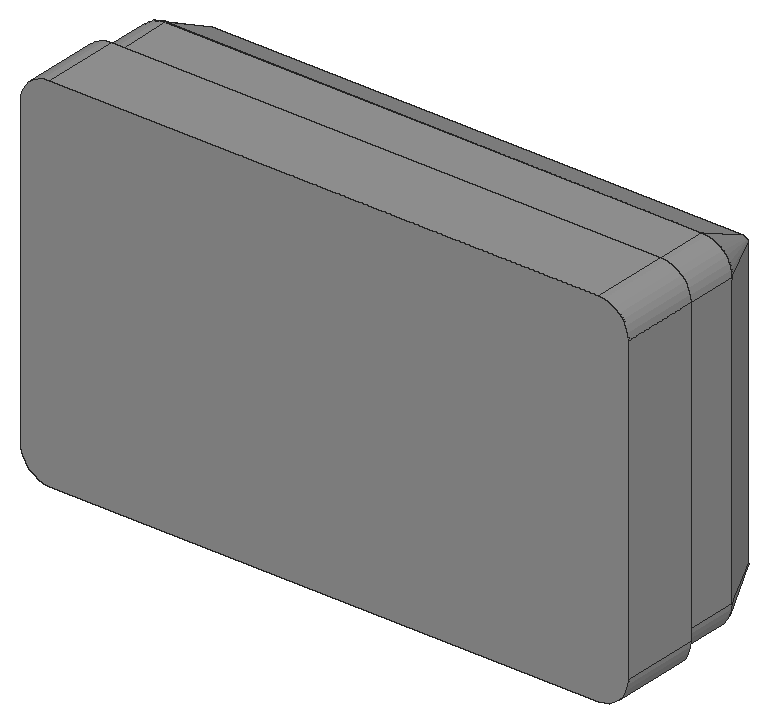
Revit family "IEK_РозеткаСетевая_ОткрытойУстановки_Без ЗК 10А 2-местная IP20_ОКТАВА", category Электрические приборы, Revit 2019
Family settings
  Сохранять ориентацию аннотаций = Да
  Размер круглого соединителя = Использовать диаметр
  Тип детали = Нормальный
  На основе рабочей плоскости = Нет
  Всегда вертикально = Да
  При загрузке вырезать с полостями = Нет
  Общий = Нет
  Точка расчета площади = Нет
Parameters (values of type "РСш22-2-ОС")
  Ширина = 102 mm  # constant formula
  Тип монтажа = "Поверхность можнтажа (открытая установка)"  # constant formula
  Степень защиты = "IP20"  # constant formula
  Изготовитель = "IEK"  # constant formula
  Дата изменения = ""
  Глубина = 33 mm  # constant formula
  Высота = 61 mm  # constant formula
  ΔХ [instance] = 2000 mm
  ΔY [instance] = 2000 mm
  KSI_CPr_Строительные изделия = "20.4.03.04 20.4.03.05 20.4.03.06"  # constant formula
  KSI_CMa_Строительные материалы = "01.7.14.03"  # constant formula
  IEK_Цена за единицу = 347.98
  IEK_Поиск в таблице имен = ""
  IEK_Описание = "Универсальный дизайн серии открытой установки \"ОКТАВА\" позволяет устанавливать изделия в квартирах, загородных домах, офисных и производственных помещениях."
  IEK_URL = "https://www.iek.ru/products/catalog/izdeliya_elektroustanovochnye_udliniteli_i_silovye_razemy/elektroustanovochnye_izdeliya/elektroustanovochnye_izdeliya_otkrytogo_montazha_ip20/elektroustanovochnye_izdeliya_oktava/elektroustanovochnye_izdeliya_oktava_tsvet_sosna/rozetka_2_mestnaya_dlya_otkrytoy_ustanovki_rssh22_2_os_bez_zazemlyayushchego_kontakta_s_zashchitnoy_shtorkoy_10a_oktava_sosna_iek"
  ADSK_Ток [instance] = 10 A  # constant formula
  ADSK_Примечание = ""
  ADSK_Полная мощность [instance] = ADSK_Номинальная мощность / ADSK_Коэффициент мощности  # 2200 VA
  ADSK_Позиция [instance] = ""
  ADSK_Номинальная мощность [instance] = ADSK_Ток * ADSK_Напряжение * sqrt(ADSK_Количество фаз числовое) * ADSK_Коэффициент мощности  # 2200 W
  ADSK_Напряжение = 220 V  # constant formula
  ADSK_Наименование = "Розетка 2-местная для открытой установки РСш22-2-ОС без заземляющего контакта с защитной шторкой 10А ОКТАВА сосна IEK"
  ADSK_Материал обозначение = ""
  ADSK_Материал наименование = "Пластик"  # constant formula
  ADSK_Материал = Цвет сосна
  ADSK_Масса = 0.071181
  ADSK_Марка = "ОКТАВА"  # constant formula
  ADSK_Коэффициент мощности [instance] = 1  # constant formula
  ADSK_Количество фаз числовое = 1
  ADSK_Количество фаз = 1
  ADSK_Код изделия = "ERO23-K03-10-DC"
  ADSK_Классификация нагрузок [instance] = Прочее
  ADSK_Завод-изготовитель = "IEK"  # constant formula
  ADSK_Единица измерения = "шт"  # constant formula
  ADSK_Группирование = "III ЭЛЕКТРОУСТАНОВОЧНЫЕ И ЭЛЕКТРОМОНТАЖНЫЕ ИЗДЕЛИЯ"  # constant formula
  ADSK_Версия семейства = "1.0"  # constant formula
  ADSK_Версия Revit = "2019"  # constant formula
  ADSK_URL страницы изделия = "https://www.iek.ru/products/catalog/izdeliya_elektroustanovochnye_udliniteli_i_silovye_razemy/elektroustanovochnye_izdeliya/elektroustanovochnye_izdeliya_otkrytogo_montazha_ip20/elektroustanovochnye_izdeliya_oktava/?pagec=100"
Types (3, lengths in mm): name | IEK_Цена за единицу | IEK_URL | ADSK_Наименование | ADSK_Материал | ADSK_Масса | ADSK_Код изделия
  РС22-2-ОКм | 139.37 | "https://www.iek.ru/products/catalog/izdeliya_elektroustanovochnye_udliniteli_i_silovye_razemy/elektroustanovochnye_izdeliya/elektroustanovochnye_izdeliya_otkrytogo_montazha_ip20/elektroustanovochnye_izdeliya_oktava/elektroustanovochnye_izdeliya_oktava_tsvet_kremovyy/rozetka_2_mestnaya_dlya_otkrytoy_ustanovki_rs22_2_okm_bez_zazemlyayushchego_kontakta_10a_oktava_kremovyy_iek" | "Розетка 2-местная для открытой установки РС22-2-ОКм без заземляющего контакта 10А ОКТАВА кремовый IEK" | Цвет кремовый | 0.071 | "ERO20-K33-10-DC"
  РС22-2-ОС | 139.37 | "https://www.iek.ru/products/catalog/izdeliya_elektroustanovochnye_udliniteli_i_silovye_razemy/elektroustanovochnye_izdeliya/elektroustanovochnye_izdeliya_otkrytogo_montazha_ip20/elektroustanovochnye_izdeliya_oktava/elektroustanovochnye_izdeliya_oktava_tsvet_sosna/rozetka_2_mestnaya_dlya_otkrytoy_ustanovki_rs22_2_os_bez_zazemlyayushchego_kontakta_10a_oktava_sosna_iek" | "Розетка 2-местная для открытой установки РС22-2-ОС без заземляющего контакта 10А ОКТАВА сосна IEK" | Цвет сосна | 0.071 | "ERO20-K03-10-DC"
  РСш22-2-ОС | 347.98 | "https://www.iek.ru/products/catalog/izdeliya_elektroustanovochnye_udliniteli_i_silovye_razemy/elektroustanovochnye_izdeliya/elektroustanovochnye_izdeliya_otkrytogo_montazha_ip20/elektroustanovochnye_izdeliya_oktava/elektroustanovochnye_izdeliya_oktava_tsvet_sosna/rozetka_2_mestnaya_dlya_otkrytoy_ustanovki_rssh22_2_os_bez_zazemlyayushchego_kontakta_s_zashchitnoy_shtorkoy_10a_oktava_sosna_iek" | "Розетка 2-местная для открытой установки РСш22-2-ОС без заземляющего контакта с защитной шторкой 10А ОКТАВА сосна IEK" | Цвет сосна | 0.071181 | "ERO23-K03-10-DC"
Reference planes
  plane 1 "По центру (Вперед/Назад)": y = 0
  plane 2: z = 0
  plane 3 "По центру (Влево/Вправо)": x = 0
  plane 4 "Высота ножек": z = 280
  plane 5 "Высота": z = 2081.496
  plane 6: x = -2000
  plane 7: y = 2000
Forms (mm)
  Extrusion 1, void
    sketch origin (20, 0, 30.5) x (0, 0, -1) y (-1, 0, 0)
      loop
        circle (0, 0) r 19.558
      loop
        circle (0, 40) r 19.558
    from 23.5 to 32
  Extrusion 2, solid, material "Цвет сосна" <- "ADSK_Материал", detail levels fine
    sketch origin (0, 0, 30.5) x (0, 0, -1) y (-1, 0, 0)
      loop
        line (-30.5, 46) -> (-30.5, -46)
        arc (-30.5, -46) -> (-29.036, -49.536) -> (-25.5, -51) r 5
        line (-25.5, -51) -> (25.5, -51)
        arc (25.5, -51) -> (29.036, -49.536) -> (30.5, -46) r 5
        line (30.5, -46) -> (30.5, 46)
        arc (30.5, 46) -> (29.036, 49.536) -> (25.5, 51) r 5
        line (25.5, 51) -> (-25.5, 51)
        arc (-25.5, 51) -> (-29.036, 49.536) -> (-30.5, 46) r 5
    from 0 to 13
  Extrusion 3, solid, material "Цвет сосна" <- "ADSK_Материал", detail levels fine
    sketch origin (0, 0, 30.5) x (0, 0, -1) y (-1, 0, 0)
      loop
        line (-29.5, 44.962) -> (-29.5, -44.962)
        arc (-29.5, -44.962) -> (-28.024, -48.524) -> (-24.462, -50) r 5.038
        line (-24.462, -50) -> (24.505, -50)
        arc (24.505, -50) -> (28.037, -48.537) -> (29.5, -45.005) r 4.995
        line (29.5, -45.005) -> (29.5, 45.005)
        arc (29.5, 45.005) -> (28.037, 48.537) -> (24.505, 50) r 4.995
        line (24.505, 50) -> (-24.462, 50)
        arc (-24.462, 50) -> (-28.024, 48.524) -> (-29.5, 44.962) r 5.038
    from 13 to 23
  Blend 4, solid, material "Цвет сосна" <- "ADSK_Материал", detail levels fine
    base sketch origin (0, 0, 30.5) x (0, 0, -1) y (-1, 0, 0)
      loop
        line (-29.5, 44.962) -> (-29.5, -44.962)
        arc (-29.5, -44.962) -> (-28.024, -48.524) -> (-24.462, -50) r 5.038
        line (-24.462, -50) -> (24.505, -50)
        arc (24.505, -50) -> (28.037, -48.537) -> (29.5, -45.005) r 4.995
        line (29.5, -45.005) -> (29.5, 45.005)
        arc (29.5, 45.005) -> (28.037, 48.537) -> (24.505, 50) r 4.995
        line (24.505, 50) -> (-24.462, 50)
        arc (-24.462, 50) -> (-28.024, 48.524) -> (-29.5, 44.962) r 5.038
    top sketch origin (0, 0, 30.5) x (0, 0, -1) y (-1, 0, 0)
      loop
        line (-25.006, 44.547) -> (-25.006, -44.547)
        arc (-25.006, -44.547) -> (-24.725, -45.225) -> (-24.047, -45.506) r 0.959
        line (-24.047, -45.506) -> (24.047, -45.506)
        arc (24.047, -45.506) -> (24.725, -45.225) -> (25.006, -44.547) r 0.959
        line (25.006, -44.547) -> (25.006, 44.547)
        arc (25.006, 44.547) -> (24.725, 45.225) -> (24.047, 45.506) r 0.959
        line (24.047, 45.506) -> (-24.047, 45.506)
        arc (-24.047, 45.506) -> (-24.725, 45.225) -> (-25.006, 44.547) r 0.959
    from 23 to 32
  Extrusion 5, void
    sketch origin (0, 0, 30.5) x (0, 0, -1) y (-1, 0, 0)
      loop
        arc (-24.224, -42.724) -> (-23.638, -44.138) -> (-22.224, -44.724) r 2
        line (-22.224, -44.724) -> (22.224, -44.724)
        arc (22.224, -44.724) -> (23.638, -44.138) -> (24.224, -42.724) r 2
        line (24.224, -42.724) -> (24.224, 42.724)
        arc (24.224, 42.724) -> (23.638, 44.138) -> (22.224, 44.724) r 2
        line (22.224, 44.724) -> (-22.224, 44.724)
        arc (-22.224, 44.724) -> (-23.638, 44.138) -> (-24.224, 42.724) r 2
        line (-24.224, 42.724) -> (-24.224, -42.724)
      loop
        arc (-4.27, 0) -> (0, -40.509) -> (4.27, 0) r 20.48
        arc (4.27, 0) -> (0, 40.509) -> (-4.27, 0) r 20.48
    from 31.5 to 32
  Extrusion 6, void
    sketch origin (19.99, 0, 30.5) x (0, 0, -1) y (-1, 0, 0)
      loop
        circle (-9.525, 0) r 2.758
      loop
        circle (9.525, 0) r 2.758
      loop
        circle (-9.525, 39.981) r 2.758
      loop
        circle (9.525, 39.981) r 2.758
    from 23.5 to 21.5
  Extrusion 7, solid, detail levels coarse
    sketch origin (0, 0, 0) x (1, 0, 0) y (0, 1, 0)
      loop
        line (-51, 0) -> (51, 0) -> (51, 32) -> (-51, 32) -> (-51, 0)
    from 0 to 61
  Extrusion 8, solid, detail levels medium
    sketch origin (0, 0, 0) x (1, 0, 0) y (0, 1, 0)
      loop
        line (-51, 32) -> (-51, 0) -> (51, 0) -> (51, 32) -> (-51, 32)
    from 0 to 61
Cuts and joins
  Extrusion 1, Extrusion 5, Extrusion 6 cuts Blend 4
  Extrusion 6 cuts Extrusion 3
  Extrusion 6 cuts Extrusion 2
Lines and regions (mm)
  reference lines
    curve 1: line (0, 44.647, 0) -> (0, -55.353, 0)
    curve 2: line (-23.829, 0, 0) -> (76.171, 0, 0)
Dimensions and locks
  locked: plane 4 "Высота ножек" to plane 2 at 280
  plane 5 "Высота" to plane 4 "Высота ножек" = 1801.496 mm
  "ΔХ": plane 6 to curve 1
  "ΔY": plane 7 to curve 2
  aligned and locked: level to plane 2
  aligned and locked: nested 1 to curve 1
  aligned and locked: curve 2 to nested 1
Automatic sketch dimensions
  Extrusion 1 sketch curve to plane 3 "По центру (Влево/Вправо)" = 20 mm
  level to Extrusion 1 sketch curve = 30.5 mm
  plane 3 "По центру (Влево/Вправо)" to Extrusion 1 sketch curve = 20 mm
  Extrusion 1 sketch curve to Extrusion 1 sketch curve = 0 mm
  level to Extrusion 2 sketch curve = 61 mm
  Extrusion 2 sketch curve to Extrusion 2 sketch curve = 5 mm  (x3)
  level to Extrusion 2 sketch curve = 5 mm  (x2)
  plane 3 "По центру (Влево/Вправо)" to Extrusion 2 sketch curve = 51 mm
  Extrusion 2 sketch curve to plane 3 "По центру (Влево/Вправо)" = 46 mm
  plane 3 "По центру (Влево/Вправо)" to Extrusion 3 sketch curve = 44.962 mm
  level to Extrusion 3 sketch curve = 60 mm
  Extrusion 3 sketch curve to Extrusion 3 sketch curve = 5.038 mm  (x2)
  level to Extrusion 3 sketch curve = 5.995 mm  (x2)
  Extrusion 3 sketch curve to Extrusion 3 sketch curve = 4.995 mm
  Extrusion 3 sketch curve to plane 3 "По центру (Влево/Вправо)" = 44.962 mm
  Extrusion 3 sketch curve to Extrusion 3 sketch curve = 0 mm  (x2)
  level to Blend 4 sketch curve = 60 mm
  Blend 4 sketch curve to Blend 4 sketch curve = 5.038 mm  (x2)
  level to Blend 4 sketch curve = 5.995 mm  (x2)
  Blend 4 sketch curve to Blend 4 sketch curve = 4.995 mm
  plane 3 "По центру (Влево/Вправо)" to Blend 4 sketch curve = 50 mm
  Blend 4 sketch curve to plane 3 "По центру (Влево/Вправо)" = 44.962 mm
  level to Blend 4 sketch curve = 55.506 mm
  Blend 4 sketch curve to Blend 4 sketch curve = 0.959 mm  (x3)
  level to Blend 4 sketch curve = 6.453 mm  (x2)
  plane 3 "По центру (Влево/Вправо)" to Blend 4 sketch curve = 45.506 mm
  Blend 4 sketch curve to plane 3 "По центру (Влево/Вправо)" = 44.547 mm
  Extrusion 5 sketch curve to plane 3 "По центру (Влево/Вправо)" = 0 mm  (x2)
  level to Extrusion 5 sketch curve = 54.724 mm
  Extrusion 5 sketch curve to Extrusion 5 sketch curve = 2 mm  (x3)
  Extrusion 5 sketch curve to Extrusion 5 sketch curve = 22.224 mm
  level to Extrusion 5 sketch curve = 8.276 mm  (x2)
  plane 3 "По центру (Влево/Вправо)" to Extrusion 5 sketch curve = 20.029 mm
  Extrusion 5 sketch curve to Extrusion 5 sketch curve = 22.695 mm  (x2)
  Extrusion 5 sketch curve to plane 3 "По центру (Влево/Вправо)" = 20.029 mm
  Extrusion 5 sketch curve to Extrusion 5 sketch curve = 4.27 mm
  Extrusion 6 sketch curve to plane 3 "По центру (Влево/Вправо)" = 19.99 mm
  level to Extrusion 6 sketch curve = 40.025 mm
  plane 3 "По центру (Влево/Вправо)" to Extrusion 6 sketch curve = 19.99 mm
  Extrusion 6 sketch curve to Extrusion 6 sketch curve = 0 mm  (x3)
  Extrusion 6 sketch curve to Extrusion 6 sketch curve = 19.049 mm  (x2)
  plane 1 "По центру (Вперед/Назад)" to Extrusion 7 sketch curve = 0 mm
  Extrusion 7 sketch curve to plane 3 "По центру (Влево/Вправо)" = 51 mm
  plane 3 "По центру (Влево/Вправо)" to Extrusion 7 sketch curve = 51 mm
  Extrusion 7 sketch curve to plane 1 "По центру (Вперед/Назад)" = 32 mm
  plane 1 "По центру (Вперед/Назад)" to Extrusion 8 sketch curve = 0 mm
  Extrusion 8 sketch curve to plane 3 "По центру (Влево/Вправо)" = 51 mm
  plane 3 "По центру (Влево/Вправо)" to Extrusion 8 sketch curve = 51 mm
  Extrusion 8 sketch curve to plane 1 "По центру (Вперед/Назад)" = 32 mm
  curve 2 to plane 3 "По центру (Влево/Вправо)" = 23.829 mm
  plane 3 "По центру (Влево/Вправо)" to curve 2 = 76.171 mm
  plane 1 "По центру (Вперед/Назад)" to curve 1 = 55.353 mm
  curve 1 to plane 1 "По центру (Вперед/Назад)" = 44.647 mm
  radius of Extrusion 1 sketch curve = 19.558 mm  (x2)
  radius of Extrusion 6 sketch curve = 2.758 mm  (x4)
Nested families
  nested 1: "УГО Розетки" at (0, 0, 0), type "2P-O", detail levels coarse+medium
    with Количество в блоке "2Б", Блок розеток yes, IP44 no
Connectors
  electrical at (0, 0, 30.5), driven by "ADSK_Количество фаз", driven by "ADSK_Классификация нагрузок", driven by "ADSK_Напряжение", driven by "ADSK_Полная мощность", driven by "ADSK_Коэффициент мощности"
    settings: on cut or joined group of Extrusion 2, Extrusion 6, index 1, voltage 220 V, apparent load 0 VA, apparent load phase1 2200 VA, apparent load phase2 0 VA, apparent load phase3 0 VA, power factor 1, load classification "Прочее", number of poles 1, system type 31, power factor state 1, is connector primary yes, connector utility no, sub classification motor no, connector description ""
Definition of nested family "УГО Розетки"
  Parameters (values of type "3PE-O")
    Количество в блоке [instance] = ""
    Блок розеток [instance] = no
    IP44 [instance] = no
    3PE-O = yes
    3PE-C = no
    2PE-O = no
    2PE-C = no
    2P-O = no
    2P-C = no
  Types (6, lengths in mm): name | 3PE-O | 3PE-C | 2PE-O | 2PE-C | 2P-O | 2P-C
    2P-O | no | no | no | no | yes | no
    3PE-O | yes | no | no | no | no | no
    2P-C | no | no | no | no | no | yes
    2PE-C | no | no | no | yes | no | no
    2PE-O | no | no | yes | no | no | no
    3PE-C | no | yes | no | no | no | no
  Reference planes
    plane 1: y = 0
    plane 2: x = 0
  Lines and regions (mm)
    Filled region 1, type "Цветовая область 1", visible <- "IP44"
      outline origin (0, 0, 0) x (1, 0, 0) y (0, 1, 0)
        loop
          line (-2.5, 0) -> (2.5, 0)
          arc (2.5, 0) -> (0, 2.5) -> (-2.5, 0) r 2.5
    Filled region 2, type "Цветовая область 1", visible <- "IP44", not visible
      outline origin (0, 0, 0) x (1, 0, 0) y (0, 1, 0)
        loop
          line (-2.5, 4.664) -> (2.5, 4.664)
          arc (2.5, 4.664) -> (0, 7.164) -> (-2.5, 4.664) r 2.5
    detail lines
      curve 1: line (-2.5, 0, 0) -> (2.5, 0, 0)
      curve 3: line (0, 2.5, 0) -> (0, 5, 0)
      curve 4: arc (-2.5, 0, 0) -> (0, 2.5, 0) -> (2.5, 0, 0) r 2.5
    detail lines, visible <- "3PE-C"
      curve 2: line (0, 0, 0) -> (0, 2.5, 0)
      curve 5: line (-2.5, 2.5, 0) -> (2.5, 2.5, 0)
      curve 17: line (0, 2.5, 0) -> (1.768, 4.268, 0)
      curve 18: line (0, 2.5, 0) -> (-1.768, 4.268, 0)
    detail lines, not visible
      curve 6: line (-2.5, 4.664, 0) -> (2.5, 4.664, 0)
      curve 8: line (0, 7.164, 0) -> (0, 9.664, 0)
      curve 9: arc (-2.5, 4.664, 0) -> (0, 7.164, 0) -> (2.5, 4.664, 0) r 2.5
    detail lines, visible <- "3PE-C", not visible
      curve 7: line (0, 4.664, 0) -> (0, 7.164, 0)
      curve 10: line (-2.5, 7.164, 0) -> (2.5, 7.164, 0)
      curve 23: line (0, 7.164, 0) -> (1.768, 8.932, 0)
      curve 24: line (0, 7.164, 0) -> (-1.768, 8.932, 0)
    detail lines, visible <- "3PE-O"
      curve 11: line (-2.5, 2.5, 0) -> (2.5, 2.5, 0)
      curve 19: line (0, 2.5, 0) -> (1.768, 4.268, 0)
      curve 20: line (0, 2.5, 0) -> (-1.768, 4.268, 0)
    detail lines, visible <- "3PE-O", not visible
      curve 12: line (-2.5, 7.164, 0) -> (2.5, 7.164, 0)
      curve 25: line (0, 7.164, 0) -> (1.768, 8.932, 0)
      curve 26: line (0, 7.164, 0) -> (-1.768, 8.932, 0)
    detail lines, visible <- "2PE-C"
      curve 13: line (0, 0, 0) -> (0, 2.5, 0)
      curve 22: line (-2.5, 2.5, 0) -> (2.5, 2.5, 0)
    detail lines, visible <- "2P-C"
      curve 14: line (0, 0, 0) -> (0, 2.5, 0)
    detail lines, visible <- "2PE-C", not visible
      curve 15: line (0, 4.664, 0) -> (0, 7.164, 0)
      curve 28: line (-2.5, 7.164, 0) -> (2.5, 7.164, 0)
    detail lines, visible <- "2P-C", not visible
      curve 16: line (0, 4.664, 0) -> (0, 7.164, 0)
    detail lines, visible <- "2PE-O"
      curve 21: line (-2.5, 2.5, 0) -> (2.5, 2.5, 0)
    detail lines, visible <- "2PE-O", not visible
      curve 27: line (-2.5, 7.164, 0) -> (2.5, 7.164, 0)
    reference lines
      curve 29: line (100, 9.605, 0) -> (100, -3.971, 0)
  Text (mm)
    label "3" at (1.908, 5.573, 0), shows "Количество в блоке", visible <- "Блок розеток"
    label "3" at (1.908, 10.237, 0), shows "Количество в блоке", visible <- "Блок розеток", not visible
  Dimensions and locks
    aligned and locked: Filled region 1 sketch curve to curve 4
    aligned and locked: Filled region 2 sketch curve to curve 9
